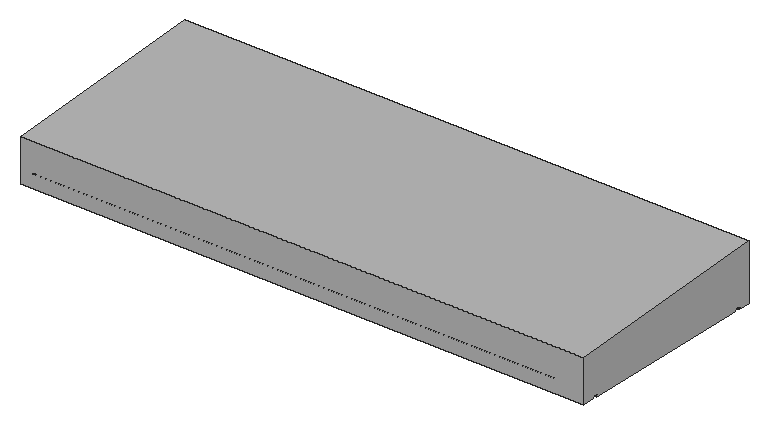
Revit family "WC246 Feather Edge", category Generic Models, Revit 2020
Family settings
  Can host rebar = No
  Round Connector Dimension = Use Diameter
  Part Type = Normal
  Work Plane-Based = No
  Always vertical = Yes
  Cut with Voids When Loaded = No
  Shared = No
  Room Calculation Point = No
Parameters
  Weight = "77Kg"
  Warranty Guarantor Parts = "n/a"
  Warranty Guarantor Labour = "n/a"
  Warranty Duration Unit = "n/a"
  Warranty Duration Parts = "n/a"
  Warranty Duration Labour = "n/a"
  Warranty Description = "n/a"
  Unit Width [instance] = 365 mm
  Unit Length [instance] = 1000 mm
  Unit Height [instance] = 100 mm
  URL = "www.killeshal.com"
  Types = "Single"
  Type Comments = "Visit our website for a full list of available products."
  Sustainability Performance = "n/a"
  Structural Class = "n/a"
  Span = "Unit Length"
  Slope = "0.00°"
  Size = "365mm x 100 to 75mm"
  Shape = "As per drawing"
  Service Life = "0.000000"
  Serial Number = "n/a"
  Resistance to Fire = "n/a"
  Replacement Cost = "n/a"
  Reference = "n/a"
  Notified Body = "n/a"
  Nominal Cover to Main Bar = "n/a"
  Model = "W/C 246 Wall Cap."
  Mechanical Resistance = "n/a"
  Manufacturer = "Killeshal Precast Concrete Ltd."
  Load Bearing = no
  Life Cycle Environmental Load = "n/a"
  Length Options = "Stock size 1000mm."
  Keynote = "The information contained is the sole property of KPC Ltd., any reproduction in part or whole without permission of KPC Ltd. is prohibited."
  Environmental Product Declaration = "n/a"
  Environmental Class = "n/a"
  Durability against Corrosion = "n/a"
  Dimension Accuracy Class = "n/a"
  Detailing = "As per design specification and product drawings."
  Description = "Feather Edge Wall Cap"
  Default Elevation = 0 mm
  Dangerous Substances = "n/a"
  Contact Tel = "0035357 9353018"
  Contact Email = "sales@killeshal.com"
  Construction Type = "Precast"
  Construction Tolerance Class = "n/a"
  Compressive Strength of Concrete = "n/a"
  Characteristics of Reinforcing Steel = "n/a"
  Characteristics Deflection Under Load = "n/a"
Reference planes
  plane 1 "Center (Front/Back)": y = 0
  plane 2: z = 0
  plane 3 "Center (Left/Right)": x = 0
  plane 4 "Rear": y = 182.5
  plane 5 "Front": y = -182.5
  plane 6 "Top": z = 100
  plane 7 "Center L/T": z = 75
Forms (mm)
  Extrusion 1, solid, material "Precast Concrete (KPC)"
    sketch origin (0, 0, 0) x (0, 1, 0) y (0, 0, 1)
      loop
        line (-182.5, 75) -> (-182.5, 0) -> (-163, 0)
        arc (-163, 0) -> (-158, 5) -> (-153, 0) r 5
        line (-153, 0) -> (153, 0)
        arc (153, 0) -> (158, 5) -> (163, 0) r 5
        line (163, 0) -> (182.5, 0) -> (182.5, 100) -> (-182.5, 75)
    from 0 to 1000
Dimensions and locks
  "Unit Length": Extrusion 1 to Extrusion 1
  "Unit Width": Extrusion 1 to Extrusion 1
  "Unit Height": plane 6 "Top" to level
  plane 7 "Center L/T" to level = 75 mm
  plane 6 "Top" to plane 7 "Center L/T" = 25 mm
  aligned and locked: level to plane 2
Automatic sketch dimensions
  Extrusion 1 sketch curve to plane 5 "Front" = 0 mm
  Extrusion 1 sketch curve to level = 0 mm
  Extrusion 1 sketch curve to plane 4 "Rear" = 0 mm
  Extrusion 1 sketch curve to plane 7 "Center L/T" = 0 mm
  Extrusion 1 sketch curve to plane 6 "Top" = 0 mm
  plane 5 "Front" to Extrusion 1 sketch curve = 19.5 mm
  Extrusion 1 sketch curve to Extrusion 1 sketch curve = 5 mm  (x2)
  Extrusion 1 sketch curve to Extrusion 1 sketch curve = 29.5 mm
